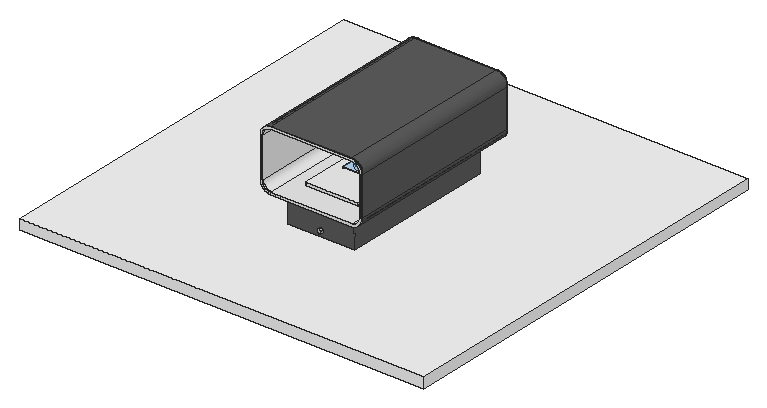
Revit family "BE_50213.2_de_DE", category Leuchten, Revit 2020
Family settings
  Basisbauteil = Fläche
  Bemaßung runder Anschluss = Durchmesser verwenden
  Teiletyp = Normal
  Beim Laden mit Abzugskörper schneiden = Ja
  Lichtquelle = Ja
  Gemeinsam genutzt = Nein
  Raumberechnungspunkt = Ja
Parameters (values of type "BEGA_50213.2_K3")
  built-in parameter 1150104 = 8.7329 (stored number, unit not read)
  Wattage = 10 W
  Default Elevation = 0 mm
  built-in parameter 1150113 = 1 (stored number, unit not read)
  built-in parameter 1114218 = 1 (stored number, unit not read)
  Umgebungstemperatur = "25 °C"
  URL = "https://www.bega.com/de/produkt/50213.2"
  Typenkommentare = "© 2022 BEGA. Wir behalten uns das Recht vor, technische Änderungen ohne vorherige Ankündigung vorzunehmen."  # constant formula
  built-in parameter 1150134 = (empty or 0)
  built-in parameter 1150109 = 1 (stored number, unit not read)
  Strom = ""
  built-in parameter 1150110 = 1 (stored number, unit not read)
  Spannung = 230 V
  Sonderanfertigung = no
  Seriennummer [instance] = "Hier können Sie die eindeutige Seriennummer für das Facility Management eintragen."
  Schutzklasse = "I"
  Schutzart = "IP 20"
  Scheinlast = 0 VA
  Produktdatenblatt = "https://cdn.bega.com/bega/products/50213.2K3/current/documents/data-sheets/de"
  Oberflächentemperatur = ""
  Neigungswinkel = 0.00°
  Modell = "50213.2K3"
  Material_35 = BEGA_Oberfläche_Samtschwarz_matt
  Material_22 = BEGA_Oberfläche_Aluminium_matt
  Material_17 = BEGA_Reflektor
  Material_15 = BEGA_Leuchtmedium_matt
  Material_13 = BEGA_Kunststoff_matt
  Material_08 = BEGA_Oberfläche_Stahl_verzinkt
  Material_06 = BEGA_Oberfläche_Edelstahl_gebürstet
  Material_03 = BEGA_Oberfläche_Weiss_matt
  M_W = no
  M_G = no
  M_A = no
  Logo = 0
  built-in parameter 1114217 = 1 (stored number, unit not read)
  built-in parameter 1150139 = (empty or 0)
  built-in parameter 1150105 = 74.803 (stored number, unit not read)
  built-in parameter 1150114 = 1 (stored number, unit not read)
  Lumens = 940 lm
  built-in parameter 1150115 = 1 (stored number, unit not read)
  Leuchtenlichtstrom = "310 lm"
  Leuchtenanzahl = ""
  Lebensdauerkriterien = "L70B50 @ 25 °C = 90000 h"
  Lastklassifizierung = Beleuchtung
  built-in parameter 1150112 = 1 (stored number, unit not read)
  Lampenlichtstrom = "940 lm"
  Lampe = "LED 10 W"
  LED_Modulbezeichnung = "LED-0607/930"
  Hersteller = "BEGA"  # constant formula
  Halbstreuwinkel = ""
  Gewicht = "0.65 kg"
  Gebrauchslageneinschränkung [instance] = ""
  Frequenz = "50/60 Hz"
  Farbwiedergabeindex = "CRI > 90"
  Farbtemperaturverschiebung bei Dämpfen der Lampe = <Keine Auswahl>
  Farbtemperatur = "3000 K"
  Color Filter = 16777215
  built-in parameter 1150133 = 10 (stored number, unit not read)
  Energieeffizienzklasse = "LED A++ - A"
  built-in parameter 1150137 = (empty or 0)
  built-in parameter 1150132 = (empty or 0)
  ENEC = "ja"
  Dimmbar [instance] = "on/off"
  Datei für fotometrisches Netz = "BE_50213-2K3.IES"
  CE_Konformität = "ja"
  Bestellnummer = "50213.2K3"
  Beschreibung_Sonderanfertigung = "Hier können Sie Informationen zur Sonderanfertigung eintragen."
  Beschreibung = "Wandleuchte"
  built-in parameter 1150106 = 0.74803 (stored number, unit not read)
  Befestigungsbohrung = "Ø 4,5 mm"
  Befestigungsabstand = "90 x 38 mm"
  Ballwurfsicher = ""
  BEGA_Intern_aus = yes
  BEGA_Intern_an = yes
  BEGA_Intern_Konstruktion = yes
  BEGA_Intern = yes
  BEGA_IES = yes
  BEGA_Dummy = no
  Anschlussleitung = ""
  Anschlussleistung [instance] = "10 W"
  Anschlusskasten = ""
  built-in parameter 1150107 = 3000 (stored number, unit not read)
  built-in parameter 1150102 = (empty or 0)
  built-in parameter 1150138 = (empty or 0)
  Aktualisierung = "2022-11-23T04:00:03"
  Abstand_zur_angestrahlten_Fläche [instance] = ""
  AC/DC = "AC"
Reference planes
  plane 1 "Mitte (Vorne/Hinten)": y = 0
  plane 2: z = 0
  plane 3 "Mitte (Links/Rechts)": x = 0
  plane 4 "Links": x = -50
  plane 5 "Rechts": x = 50.003
  plane 6 "Unten": y = -90
  plane 7 "Oben": y = 90
  plane 8 "Vorne": z = 88.999
  plane 9 "Hinten": z = 0
Forms (mm)
  Extrusion 1, solid, material "BEGA_Platte_Weiss"
    sketch origin (0, -1119.2, 0) x (1, 0, 0) y (0, 1, 0)
      loop
        line (-200, 1319.2) -> (-200, 919.2) -> (200, 919.2) -> (200, 1319.2) -> (-200, 1319.2)
    from 0 to -10
  Extrusion 2, solid, material "BEGA_Dummy_matt", visible <- "BEGA_Dummy"
    sketch origin (80.095, -76.023, 0) x (1, 0, 0) y (0, 1, 0)
      loop
        line (-130.095, 166.023) -> (-130.095, -13.977) -> (-30.093, -13.977) -> (-30.093, 166.023) -> (-130.095, 166.023)
    from 0 to 88.999
Dimensions and locks
  plane 1 "Mitte (Vorne/Hinten)" to Extrusion 1 = 200 mm
  aligned and locked: Extrusion 1 to plane 2
  aligned and locked: Extrusion 1 to level
Nested families
  nested 1: "BE_50213.2" at (0, 0, 0), type "BE_50213.2"
Connectors
  electrical at (0, 0, 0), driven by "Lastklassifizierung", driven by "Spannung", driven by "Scheinlast"
    settings: index 1, voltage 230 V, apparent load 0 VA, apparent load phase1 0 VA, apparent load phase2 0 VA, apparent load phase3 0 VA, power factor 1, load classification "Beleuchtung", number of poles 1, system type 31, power factor state 1, is connector primary yes, connector utility no, sub classification motor no, connector description ""
Definition of nested family "BE_50213.2"
  Parameters (values of type "BE_50213.2")
    Default Elevation = 1 mm
    URL = "http://www.bega.de/de/produkt"
    Type Comments = "© 2015 BEGA. Wir behalten uns das Recht vor, technische Änderungen ohne vorherige Ankündigung vorzunehmen. "  # constant formula
    Type Image = (empty or 0)
    Neigungswinkel_um_Z2 = 0.00°
    Neigungswinkel_um_Z1 = 0.00°
    Neigungswinkel_um_Y2 = 0.00°
    Neigungswinkel_um_Y1 = 0.00°
    Neigungswinkel_um_X2 = 0.00°
    Neigungswinkel_um_X1 = 0.00°
    Material_35 = none
    Material_34 = none
    Material_31 = none
    Material_22 = none
    Material_17 = none
    Material_15 = none
    Material_13 = none
    Material_11 = none
    Material_09 = none
    Material_08 = none
    Material_06 = none
    Material_05 = none
    Material_03 = none
    Material_02 = none
    Material_01 = none
    M_W = yes
    M_G = yes
    M_A = yes
    Länge_Platte = 200 mm  # constant formula
    Höhe_Platte = -10 mm  # constant formula
    Manufacturer = "BEGA"  # constant formula
    Drehwinkel_um_Z2 = 0.00°
    Drehwinkel_um_Z1 = 0.00°
    Breite_Platte = 350 mm  # constant formula
  Reference planes
    plane 1 "Mitte (Oben/Unten)": y = 0
    plane 2: z = 0
    plane 3 "Mitte (Links/Rechts)": x = 0
    plane 4: x = -50.003
    plane 5: z = 88.999
    plane 6: x = 50.003
    plane 7: y = -90
    plane 8: y = 90
  Forms (mm)
    Extrusion 1, solid, detail levels medium
      sketch origin (0, 0, 0) x (1, 0, 0) y (0, 1, 0)
        loop
          line (-100, 175) -> (-100, -175) -> (100, -175) -> (100, 175) -> (-100, 175)
      from 0 to -10 <- "Höhe_Platte"
    Extrusion 2, solid, material <- "Material_35", detail levels medium+fine
      sketch origin (0, 0, 0) x (1, 0, 0) y (0, 0, 1)
        loop
          line (-33, 0) -> (-30, 0) -> (-29.11, 25.5) -> (29.11, 25.5) -> (30, 0) -> (33, 0) -> (32.494, 29) -> (-32.494, 29) -> (-33, 0)
      from -77.472 to 77.461
    Extrusion 3, solid, material <- "Material_35", detail levels medium+fine
      sketch origin (0, 0, 0) x (1, 0, 0) y (0, 0, 1)
        loop
          line (-32.494, 29) -> (-33, 0) -> (33, 0) -> (32.494, 29) -> (-32.494, 29)
      from 72.594 to 77.461
    Revolve 4, solid, material <- "Material_06", detail levels fine
      sketch origin (0, 0, 0) x (0, 1, 0) y (0, 0, 1)
        loop
          line (-79.5, 8) -> (-79.5, 6) -> (-65.557, 6) -> (-67, 8.5) -> (-76.888, 8.5) -> (-77.551, 8) -> (-79.5, 8)
        axis (-79.5, 6) -> (-65.557, 6)
      angle from 0 to 360
    Extrusion 5, void
      sketch origin (0, 0, 0) x (0, 1, 0) y (0, 0, 1)
        loop
          line (-64.955, 28.8) -> (32, 28.8) -> (32, 36.628) -> (-64.955, 36.628) -> (-64.955, 28.8)
      from -18.781 to 18.7
    Extrusion 6, solid, material <- "Material_03", detail levels medium+fine
      sketch origin (0, 0, 0) x (1, 0, 0) y (0, 1, 0)
        loop
          arc (-25.175, 31.174) -> (-25.884, 30.88) -> (-26.174, 30.169) r 1
          line (-26.174, 30.169) -> (-26.174, -63.169)
          arc (-26.174, -63.169) -> (-25.884, -63.88) -> (-25.175, -64.174) r 1
          line (-25.175, -64.174) -> (25.175, -64.174)
          arc (25.175, -64.174) -> (25.884, -63.88) -> (26.174, -63.169) r 1
          line (26.174, -63.169) -> (26.174, 30.169)
          arc (26.174, 30.169) -> (25.884, 30.88) -> (25.175, 31.174) r 1
          line (25.175, 31.174) -> (-25.175, 31.174)
      from 29 to 33.659
    Revolve 7, solid, material <- "Material_13", detail levels medium+fine
      sketch origin (0, 0, 0) x (1, 0, 0) y (0, 0, 1)
        loop
          arc (0, 53.1) -> (-1.403, 53.04) -> (-2.796, 52.861) r 16.458
          arc (-2.796, 52.861) -> (-10.16, 49.425) -> (-14.774, 42.736) r 15.5
          arc (-14.774, 42.736) -> (-15.878, 38.48) -> (-16.25, 34.1) r 26.067
          line (-16.25, 34.1) -> (16.25, 34.1)
          arc (16.25, 34.1) -> (15.878, 38.48) -> (14.774, 42.736) r 26.067
          arc (14.774, 42.736) -> (10.16, 49.425) -> (2.796, 52.861) r 15.5
          arc (2.796, 52.861) -> (1.403, 53.04) -> (0, 53.1) r 16.458
        axis (-16.25, 22.6) -> (16.25, 22.6)
      angle from -90 to 90
    Extrusion 8, void
      sketch origin (0, 0, 0) x (1, 0, 0) y (0, 0, 1)
        loop
          line (-17.179, 34.1) -> (-17.179, 21.958) -> (17.732, 21.958) -> (17.732, 34.1) -> (-17.179, 34.1)
      from -33.074 to 32.529
    Extrusion 9, solid, material <- "Material_13", detail levels medium+fine
      sketch origin (0, 0, 0) x (1, 0, 0) y (0, 1, 0)
        loop
          line (15.275, 29.714) -> (-15.273, 29.714)
          arc (-15.273, 29.714) -> (-16.848, 29.155) -> (-17.714, 27.726) r 2.489
          line (-17.714, 27.726) -> (-17.714, -27.725)
          arc (-17.714, -27.725) -> (-16.849, -29.154) -> (-15.275, -29.714) r 2.489
          line (-15.275, -29.714) -> (15.273, -29.714)
          arc (15.273, -29.714) -> (16.848, -29.155) -> (17.714, -27.725) r 2.489
          line (17.714, -27.725) -> (17.714, 27.725)
          arc (17.714, 27.725) -> (16.849, 29.154) -> (15.275, 29.714) r 2.489
      from 33.9 to 34.723
    Extrusion 10, solid, material <- "Material_15", detail levels medium+fine
      sketch origin (0, 0, 0) x (1, 0, 0) y (0, 1, 0)
        loop
          line (-12.286, 19.048) -> (-12.286, -19.776) -> (12.491, -19.776) -> (12.491, 19.048) -> (-12.286, 19.048)
      from 31.843 to 33.9
    Extrusion 11, solid, material <- "Material_08", detail levels medium+fine
      sketch origin (0, 0, 0) x (0, 1, 0) y (0, 0, 1)
        loop
          line (-68.164, 9.636) -> (-62.614, 4.086)
          arc (-62.614, 4.086) -> (-61.965, 3.652) -> (-61.2, 3.5) r 2
          line (-61.2, 3.5) -> (66.8, 3.5)
          arc (66.8, 3.5) -> (67.561, 3.651) -> (68.208, 4.08) r 2
          line (68.208, 4.08) -> (73.174, 9.045) -> (71.75, 10.45) -> (66.8, 5.5) -> (-61.2, 5.5) -> (-66.75, 11.05) -> (-68.164, 9.636)
      from -27.928 to 28.002
    Extrusion 12, void
      sketch origin (0, 0, 0) x (1, 0, 0) y (0, 1, 0)
        loop
          arc (20.75, 46.05) -> (23, 48.3) -> (20.75, 50.55) r 2.25
          line (20.75, 50.55) -> (17.25, 50.55)
          arc (17.25, 50.55) -> (15, 48.3) -> (17.25, 46.05) r 2.25
          line (17.25, 46.05) -> (20.75, 46.05)
        loop
          line (7, 42.3) -> (-7, 42.3)
          arc (-7, 42.3) -> (-12.5, 36.8) -> (-7, 31.3) r 5.5
          line (-7, 31.3) -> (7, 31.3)
          arc (7, 31.3) -> (12.5, 36.8) -> (7, 42.3) r 5.5
        loop
          arc (-21.25, -42.95) -> (-19, -45.2) -> (-16.75, -42.95) r 2.25
          line (-16.75, -42.95) -> (-16.75, -39.45)
          arc (-16.75, -39.45) -> (-19, -37.2) -> (-21.25, -39.45) r 2.25
          line (-21.25, -39.45) -> (-21.25, -42.95)
      from 0 to 7
    Extrusion 13, solid, material <- "Material_35", detail levels medium+fine
      sketch origin (0, 0, 0) x (1, 0, 0) y (0, 0, -1)
        loop
          line (-32.494, -29) -> (32.494, -29) -> (33, 0) -> (-33, 0) -> (-32.494, -29)
      from 72.594 to 77.472
    Extrusion 14, solid, material <- "Material_22", detail levels medium+fine
      sketch origin (0, 0, 0) x (1, 0, 0) y (0, 0, -1)
        loop
          line (-40.004, -88.999) -> (40.085, -88.999)
          arc (40.085, -88.999) -> (47.602, -85.594) -> (50, -77.698) r 10
          line (50, -77.698) -> (50, -39)
          arc (50, -39) -> (47.071, -31.929) -> (40, -29) r 10
          line (40, -29) -> (-40.161, -29)
          arc (-40.161, -29) -> (-47.13, -31.985) -> (-50.003, -39) r 10.001
          line (-50.003, -39) -> (-50.003, -79.001)
          arc (-50.003, -79.001) -> (-47.074, -86.071) -> (-40.004, -88.999) r 9.998
        loop
          arc (-47.998, -78.999) -> (-45.654, -84.658) -> (-39.996, -87.001) r 8.002
          line (-39.996, -87.001) -> (40, -87)
          arc (40, -87) -> (45.657, -84.657) -> (48, -79) r 8
          line (48, -79) -> (48, -39)
          arc (48, -39) -> (45.657, -33.343) -> (40, -31) r 8
          line (40, -31) -> (-40, -31)
          arc (-40, -31) -> (-45.722, -33.409) -> (-47.998, -39.185) r 8
          line (-47.998, -39.185) -> (-47.998, -78.999)
      from 89.2 to 90
    Extrusion 15, solid, material <- "Material_22", detail levels medium+fine
      sketch origin (0, 0, 0) x (1, 0, 0) y (0, 0, 1)
        loop
          arc (-40.004, 88.999) -> (-47.074, 86.071) -> (-50.003, 79.001) r 9.998
          line (-50.003, 79.001) -> (-50.003, 39)
          arc (-50.003, 39) -> (-47.13, 31.985) -> (-40.161, 29) r 10.001
          line (-40.161, 29) -> (40, 29)
          arc (40, 29) -> (47.071, 31.929) -> (50, 39) r 10
          line (50, 39) -> (50, 77.698)
          arc (50, 77.698) -> (47.602, 85.594) -> (40.085, 88.999) r 10
          line (40.085, 88.999) -> (-40.004, 88.999)
        loop
          line (-47.998, 78.999) -> (-47.998, 39.185)
          arc (-47.998, 39.185) -> (-45.722, 33.409) -> (-40, 31) r 8
          line (-40, 31) -> (40, 31)
          arc (40, 31) -> (45.657, 33.343) -> (48, 39) r 8
          line (48, 39) -> (48, 79)
          arc (48, 79) -> (45.657, 84.657) -> (40, 87) r 8
          line (40, 87) -> (-39.996, 87.001)
          arc (-39.996, 87.001) -> (-45.654, 84.658) -> (-47.998, 78.999) r 8.002
      from 89.2 to 90
    Extrusion 16, solid, material <- "Material_22", detail levels medium+fine
      sketch origin (0, -90, 0) x (1, 0, 0) y (0, 0, 1)
        loop
          arc (-39.996, 87.001) -> (-45.654, 84.658) -> (-47.998, 78.999) r 8.002
          line (-47.998, 78.999) -> (-47.998, 39.185)
          arc (-47.998, 39.185) -> (-45.722, 33.409) -> (-40, 31) r 8
          line (-40, 31) -> (40, 31)
          arc (40, 31) -> (45.657, 33.343) -> (48, 39) r 8
          line (48, 39) -> (48, 79)
          arc (48, 79) -> (45.657, 84.657) -> (40, 87.001) r 8
          line (40, 87.001) -> (-39.996, 87.001)
        loop
          line (-48.898, 78.999) -> (-48.898, 39.195)
          arc (-48.898, 39.195) -> (-46.362, 32.776) -> (-40, 30.1) r 8.9
          line (-40, 30.1) -> (40, 30.1)
          arc (40, 30.1) -> (46.293, 32.707) -> (48.9, 39) r 8.9
          line (48.9, 39) -> (48.9, 79.184)
          arc (48.9, 79.184) -> (46.229, 85.359) -> (40, 87.901) r 8.902
          line (40, 87.901) -> (-39.996, 87.901)
          arc (-39.996, 87.901) -> (-46.291, 85.294) -> (-48.898, 78.999) r 8.902
      from -0.8 to -179.2
    Extrusion 17, solid, material <- "Material_35", detail levels medium+fine
      sketch origin (0, 0, 0) x (1, 0, 0) y (0, 0, 1)
        loop
          arc (-39.996, 87.901) -> (-46.291, 85.294) -> (-48.898, 78.999) r 8.902
          line (-48.898, 78.999) -> (-48.898, 39.195)
          arc (-48.898, 39.195) -> (-46.362, 32.776) -> (-40, 30.1) r 8.9
          line (-40, 30.1) -> (40, 30.1)
          arc (40, 30.1) -> (46.293, 32.707) -> (48.9, 39) r 8.9
          line (48.9, 39) -> (48.9, 79.184)
          arc (48.9, 79.184) -> (46.229, 85.359) -> (40, 87.901) r 8.902
          line (40, 87.901) -> (-39.996, 87.901)
        loop
          line (40.085, 88.999) -> (-40.004, 88.999)
          arc (-40.004, 88.999) -> (-47.074, 86.071) -> (-50.003, 79.001) r 9.998
          line (-50.003, 79.001) -> (-50.003, 39)
          arc (-50.003, 39) -> (-47.13, 31.985) -> (-40.161, 29) r 10.001
          line (-40.161, 29) -> (40, 29)
          arc (40, 29) -> (47.071, 31.929) -> (50, 39) r 10
          line (50, 39) -> (50, 77.698)
          arc (50, 77.698) -> (47.602, 85.594) -> (40.085, 88.999) r 10
      from -89.2 to 89.2
    Extrusion 18, solid, material <- "Material_17", detail levels medium+fine
      sketch origin (0, 0, 0) x (1, 0, 0) y (0, 0, 1)
        loop
          line (-41.5, 86.25) -> (41.505, 86.25) -> (41.505, 87.069) -> (-41.5, 87.069) -> (-41.5, 86.25)
      from -50.012 to 49.996
  Cuts and joins
    Extrusion 5 cuts Extrusion 2
    Extrusion 5, Extrusion 8 cuts Extrusion 3
    joined: Extrusion 2, Extrusion 3, Extrusion 13
    Extrusion 8 cuts Revolve 7
    joined: Revolve 7, Extrusion 9
    Extrusion 12 cuts Extrusion 11
    joined: Extrusion 14, Extrusion 15, Extrusion 16
  Dimensions and locks
    equal spacing: Extrusion 1 sketch curve, plane 3 "Mitte (Links/Rechts)", Extrusion 1 sketch curve
    equal spacing: Extrusion 1 sketch curve, plane 1 "Mitte (Oben/Unten)", Extrusion 1 sketch curve
    "Länge_Platte": Extrusion 1 sketch curve to Extrusion 1 sketch curve
    "Breite_Platte": Extrusion 1 sketch curve to Extrusion 1 sketch curve
    aligned and locked: Extrusion 1 to plane 2
    aligned and locked: level to Extrusion 1
  Automatic sketch dimensions
    Extrusion 2 sketch curve to level = 0 mm  (x2)
    Extrusion 2 sketch curve to Extrusion 2 sketch curve = 3 mm  (x2)
    Extrusion 2 sketch curve to Extrusion 2 sketch curve = 3.384 mm  (x2)
    level to Extrusion 2 sketch curve = 25.5 mm
    Extrusion 2 sketch curve to Extrusion 2 sketch curve = 3.5 mm
    Extrusion 3 sketch curve to level = 0 mm
    level to Extrusion 3 sketch curve = 29 mm
    level to Revolve 4 sketch curve = 8 mm
    Revolve 4 sketch curve to Revolve 4 sketch curve = 1.949 mm
    level to Revolve 4 sketch curve = 8.5 mm
    Revolve 4 sketch curve to Revolve 4 sketch curve = 0.664 mm
    Revolve 4 sketch curve to Revolve 4 sketch curve = 9.888 mm
    level to Revolve 4 sketch curve = 6 mm
    Revolve 4 sketch curve to Revolve 4 sketch curve = 1.443 mm
    Revolve 4 sketch curve to Revolve 4 sketch curve = 1.228 mm
    Revolve 4 sketch curve to Revolve 4 sketch curve = 0 mm  (x2)
    Extrusion 5 sketch curve to plane 1 "Mitte (Oben/Unten)" = 32 mm
    level to Extrusion 5 sketch curve = 28.8 mm
    Extrusion 5 sketch curve to Extrusion 5 sketch curve = 7.828 mm
    Revolve 7 sketch curve to plane 3 "Mitte (Links/Rechts)" = 16.25 mm
    Revolve 7 sketch curve to Revolve 7 sketch curve = 6.434 mm  (x2)
    Revolve 7 sketch curve to plane 3 "Mitte (Links/Rechts)" = 0.154 mm
    Revolve 7 sketch curve to plane 3 "Mitte (Links/Rechts)" = 0.001 mm
    plane 3 "Mitte (Links/Rechts)" to Revolve 7 sketch curve = 0.001 mm
    plane 3 "Mitte (Links/Rechts)" to Revolve 7 sketch curve = 0.154 mm
    plane 3 "Mitte (Links/Rechts)" to Revolve 7 sketch curve = 9.816 mm
    level to Revolve 7 sketch curve = 34.088 mm
    Revolve 7 sketch curve to Revolve 7 sketch curve = 0 mm  (x6)
    Revolve 7 sketch curve to Revolve 7 sketch curve = 0.012 mm
    Revolve 7 sketch curve to Revolve 7 sketch curve = 2.554 mm
    Revolve 7 sketch curve to Revolve 7 sketch curve = 0.945 mm
    Revolve 7 sketch curve to Revolve 7 sketch curve = 1.476 mm  (x2)
    Revolve 7 sketch curve to plane 3 "Mitte (Links/Rechts)" = 2.796 mm
    Revolve 7 sketch curve to plane 3 "Mitte (Links/Rechts)" = 0 mm  (x2)
    plane 3 "Mitte (Links/Rechts)" to Revolve 7 sketch curve = 2.796 mm
    plane 3 "Mitte (Links/Rechts)" to Revolve 7 sketch curve = 5.672 mm
    Revolve 7 sketch curve to Revolve 7 sketch curve = 11.488 mm
    Extrusion 8 sketch curve to plane 3 "Mitte (Links/Rechts)" = 17.179 mm
    plane 3 "Mitte (Links/Rechts)" to Extrusion 8 sketch curve = 17.732 mm
    level to Extrusion 8 sketch curve = 21.959 mm
    Extrusion 8 sketch curve to Extrusion 8 sketch curve = 12.142 mm
    Extrusion 9 sketch curve to plane 3 "Mitte (Links/Rechts)" = 17.714 mm
    Extrusion 9 sketch curve to Extrusion 9 sketch curve = 2.438 mm  (x3)
    Extrusion 9 sketch curve to Extrusion 9 sketch curve = 0.003 mm  (x2)
    plane 3 "Mitte (Links/Rechts)" to Extrusion 9 sketch curve = 15.273 mm
    plane 3 "Mitte (Links/Rechts)" to Extrusion 9 sketch curve = 15.276 mm
    plane 1 "Mitte (Oben/Unten)" to Extrusion 9 sketch curve = 29.714 mm
    Extrusion 9 sketch curve to Extrusion 9 sketch curve = 1.988 mm  (x2)
    Extrusion 9 sketch curve to Extrusion 9 sketch curve = 0.501 mm  (x3)
    Extrusion 9 sketch curve to plane 1 "Mitte (Oben/Unten)" = 27.225 mm  (x2)
    Extrusion 9 sketch curve to Extrusion 9 sketch curve = 0 mm  (x4)
    Extrusion 10 sketch curve to plane 3 "Mitte (Links/Rechts)" = 12.286 mm
    plane 3 "Mitte (Links/Rechts)" to Extrusion 10 sketch curve = 12.491 mm
    plane 1 "Mitte (Oben/Unten)" to Extrusion 10 sketch curve = 19.776 mm
    Extrusion 10 sketch curve to plane 1 "Mitte (Oben/Unten)" = 19.048 mm
    level to Extrusion 11 sketch curve = 9.636 mm
    level to Extrusion 11 sketch curve = 11.05 mm
    Extrusion 11 sketch curve to Extrusion 11 sketch curve = 1.414 mm  (x2)
    level to Extrusion 11 sketch curve = 3.5 mm
    Extrusion 11 sketch curve to Extrusion 11 sketch curve = 6.964 mm
    level to Extrusion 11 sketch curve = 5.5 mm
    Extrusion 11 sketch curve to Extrusion 11 sketch curve = 0 mm  (x3)
    level to Extrusion 11 sketch curve = 4.08 mm
    Extrusion 11 sketch curve to Extrusion 11 sketch curve = 1.408 mm
    level to Extrusion 11 sketch curve = 10.45 mm
    Extrusion 11 sketch curve to Extrusion 11 sketch curve = 4.95 mm
    level to Extrusion 11 sketch curve = 9.045 mm
    Extrusion 11 sketch curve to Extrusion 11 sketch curve = 1.424 mm
    level to Extrusion 11 sketch curve = 4.086 mm
    Extrusion 12 sketch curve to Extrusion 12 sketch curve = 2.25 mm  (x2)
    Extrusion 12 sketch curve to plane 3 "Mitte (Links/Rechts)" = 7 mm
    plane 3 "Mitte (Links/Rechts)" to Extrusion 12 sketch curve = 7 mm
    Extrusion 12 sketch curve to Extrusion 12 sketch curve = 10.25 mm
    Extrusion 12 sketch curve to Extrusion 12 sketch curve = 3.5 mm  (x2)
    plane 1 "Mitte (Oben/Unten)" to Extrusion 12 sketch curve = 42.95 mm
    Extrusion 12 sketch curve to plane 1 "Mitte (Oben/Unten)" = 31.3 mm
    Extrusion 12 sketch curve to Extrusion 12 sketch curve = 5.5 mm
    Extrusion 12 sketch curve to Extrusion 12 sketch curve = 3.75 mm
    Extrusion 13 sketch curve to level = 0 mm
    level to Extrusion 13 sketch curve = 29 mm
    Extrusion 14 sketch curve to Extrusion 14 sketch curve = 0 mm  (x3)
    Extrusion 14 sketch curve to Extrusion 14 sketch curve = 2.005 mm
    Extrusion 14 sketch curve to Extrusion 14 sketch curve = 7.915 mm
    Extrusion 14 sketch curve to Extrusion 14 sketch curve = 2 mm
    Extrusion 14 sketch curve to Extrusion 14 sketch curve = 1.998 mm
    Extrusion 14 sketch curve to Extrusion 14 sketch curve = 8.001 mm
    Extrusion 14 sketch curve to Extrusion 14 sketch curve = 0.001 mm  (x2)
    level to Extrusion 14 sketch curve = 39.185 mm
    level to Extrusion 14 sketch curve = 39 mm
    Extrusion 15 sketch curve to Extrusion 15 sketch curve = 0 mm  (x4)
    Extrusion 15 sketch curve to Extrusion 15 sketch curve = 2.005 mm
    Extrusion 15 sketch curve to Extrusion 15 sketch curve = 7.915 mm
    Extrusion 15 sketch curve to Extrusion 15 sketch curve = 2 mm
    level to Extrusion 15 sketch curve = 29 mm
    Extrusion 15 sketch curve to Extrusion 15 sketch curve = 1.301 mm
    Extrusion 15 sketch curve to Extrusion 15 sketch curve = 0.002 mm
    Extrusion 15 sketch curve to Extrusion 15 sketch curve = 1.302 mm
    Extrusion 16 sketch curve to Extrusion 16 sketch curve = 0 mm  (x6)
    Extrusion 15 to Extrusion 16 sketch curve = 8 mm
    Extrusion 16 sketch curve to Extrusion 16 sketch curve = 0.001 mm
    Extrusion 16 sketch curve to Extrusion 16 sketch curve = 0.184 mm
    Extrusion 17 sketch curve to Extrusion 17 sketch curve = 8.902 mm
    Extrusion 17 sketch curve to Extrusion 17 sketch curve = 0.002 mm
    Extrusion 17 sketch curve to Extrusion 17 sketch curve = 1.098 mm
    level to Extrusion 17 sketch curve = 39.195 mm
    Extrusion 17 sketch curve to Extrusion 17 sketch curve = 0.195 mm  (x2)
    Extrusion 17 sketch curve to Extrusion 17 sketch curve = 8.9 mm
    Extrusion 17 sketch curve to Extrusion 17 sketch curve = 8.717 mm
    Extrusion 17 sketch curve to Extrusion 17 sketch curve = 1.486 mm
    Extrusion 6 sketch curve to Extrusion 6 sketch curve = 1 mm  (x4)
    Extrusion 6 sketch curve to Extrusion 6 sketch curve = 0.006 mm  (x5)
    Extrusion 6 sketch curve to plane 1 "Mitte (Oben/Unten)" = 30.169 mm
    Extrusion 6 sketch curve to Extrusion 6 sketch curve = 0 mm  (x3)
    plane 3 "Mitte (Links/Rechts)" to Extrusion 6 sketch curve = 25.175 mm  (x2)
    Extrusion 18 sketch curve to Extrusion 18 sketch curve = 0.819 mm
    Extrusion 2 sketch curve to plane 3 "Mitte (Links/Rechts)" = 29.11 mm
    Extrusion 2 sketch curve to Extrusion 2 sketch curve = 0.89 mm  (x2)
    Extrusion 3 sketch curve to plane 3 "Mitte (Links/Rechts)" = 32.494 mm
    Extrusion 3 sketch curve to Extrusion 3 sketch curve = 0.506 mm  (x2)
    Extrusion 6 sketch curve to plane 3 "Mitte (Links/Rechts)" = 25.175 mm
    Extrusion 12 sketch curve to plane 3 "Mitte (Links/Rechts)" = 16.75 mm
    Extrusion 13 sketch curve to plane 3 "Mitte (Links/Rechts)" = 32.494 mm
    Extrusion 13 sketch curve to Extrusion 13 sketch curve = 0.506 mm  (x2)
    Extrusion 14 sketch curve to plane 3 "Mitte (Links/Rechts)" = 39.996 mm
    Extrusion 14 sketch curve to Extrusion 14 sketch curve = 7.998 mm
    Extrusion 14 sketch curve to Extrusion 14 sketch curve = 0.008 mm
    Extrusion 14 sketch curve to Extrusion 14 sketch curve = 0.161 mm
    Extrusion 15 sketch curve to plane 3 "Mitte (Links/Rechts)" = 39.996 mm
    Extrusion 15 sketch curve to plane 3 "Mitte (Links/Rechts)" = 40 mm
    Extrusion 15 sketch curve to Extrusion 15 sketch curve = 0.001 mm
    Extrusion 15 sketch curve to Extrusion 15 sketch curve = 0.008 mm
    Extrusion 15 sketch curve to Extrusion 15 sketch curve = 0.161 mm
    Extrusion 15 sketch curve to Extrusion 15 sketch curve = 7.993 mm
    Extrusion 17 sketch curve to Extrusion 17 sketch curve = 0 mm  (x2)
    Extrusion 17 sketch curve to plane 3 "Mitte (Links/Rechts)" = 39.996 mm
    Extrusion 17 sketch curve to Extrusion 17 sketch curve = 8.898 mm
    Extrusion 17 sketch curve to Extrusion 17 sketch curve = 0.001 mm
    Extrusion 17 sketch curve to Extrusion 17 sketch curve = 0.008 mm
    Extrusion 17 sketch curve to Extrusion 17 sketch curve = 0.161 mm
    Extrusion 18 sketch curve to plane 3 "Mitte (Links/Rechts)" = 41.5 mm
    plane 3 "Mitte (Links/Rechts)" to Extrusion 2 sketch curve = 29.11 mm
    plane 3 "Mitte (Links/Rechts)" to Extrusion 3 sketch curve = 32.494 mm
    plane 3 "Mitte (Links/Rechts)" to Extrusion 13 sketch curve = 32.494 mm
    plane 3 "Mitte (Links/Rechts)" to Extrusion 14 sketch curve = 40 mm  (x2)
    Extrusion 14 sketch curve to Extrusion 14 sketch curve = 0.085 mm
    plane 3 "Mitte (Links/Rechts)" to Extrusion 15 sketch curve = 40 mm  (x2)
    Extrusion 15 sketch curve to Extrusion 15 sketch curve = 0.085 mm
    plane 3 "Mitte (Links/Rechts)" to Extrusion 17 sketch curve = 40 mm  (x2)
    Extrusion 17 sketch curve to Extrusion 17 sketch curve = 0.085 mm
    plane 3 "Mitte (Links/Rechts)" to Extrusion 18 sketch curve = 41.505 mm
    Extrusion 14 sketch curve to plane 3 "Mitte (Links/Rechts)" = 40.161 mm
    Extrusion 14 sketch curve to Extrusion 14 sketch curve = 38.698 mm
    Extrusion 15 sketch curve to Extrusion 15 sketch curve = 38.698 mm
    Extrusion 17 sketch curve to Extrusion 17 sketch curve = 38.698 mm
    level to Extrusion 18 sketch curve = 86.25 mm
    plane 1 "Mitte (Oben/Unten)" to Revolve 4 sketch curve = 79.5 mm
    plane 1 "Mitte (Oben/Unten)" to Extrusion 5 sketch curve = 64.955 mm
    plane 1 "Mitte (Oben/Unten)" to Extrusion 6 sketch curve = 63.169 mm
    plane 1 "Mitte (Oben/Unten)" to Extrusion 11 sketch curve = 61.2 mm
    Extrusion 11 sketch curve to plane 1 "Mitte (Oben/Unten)" = 66.8 mm
    radius of Extrusion 16 sketch curve to Extrusion 15 = 0 mm  (x3)
    radius of Extrusion 15 to Extrusion 16 sketch curve = 0.9 mm
